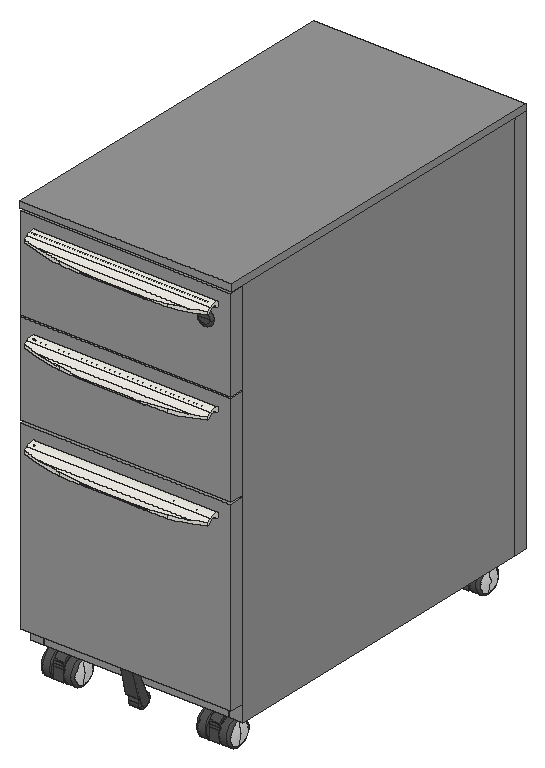
Revit family "Haworth_MSeries_Storage_Pedestal_AP_PRELIMINARY", category Furniture Systems, Revit 2019 (continued)
Definition of nested family "Haworth_M_Series_Cushion_BUILD"
  Forms (mm)
    Extrusion 1, solid, material <- "Cushion Finish"
      sketch origin (-915.403, -4572, 609.6) x (-1, 0, 0) y (0, -1, 0)
        loop
          arc (-769.617, -4832) -> (-766.624, -4830.76) -> (-765.384, -4827.767) r 4.233
          line (-765.384, -4827.767) -> (-765.384, -4316.233)
          arc (-765.384, -4316.233) -> (-766.624, -4313.24) -> (-769.617, -4312) r 4.233
          line (-769.617, -4312) -> (-1061.188, -4312)
          arc (-1061.188, -4312) -> (-1064.182, -4313.24) -> (-1065.422, -4316.233) r 4.233
          line (-1065.422, -4316.233) -> (-1065.422, -4827.767)
          arc (-1065.422, -4827.767) -> (-1064.182, -4830.76) -> (-1061.188, -4832) r 4.233
          line (-1061.188, -4832) -> (-769.617, -4832)
      from 0 to 38.001
  Lines and regions (mm)
    Masking region 1
      outline origin (0, 0, 647.601) x (-1, 0, 0) y (0, -1, 0)
        loop
          line (150.019, -255.767) -> (150.019, 255.767)
          arc (150.019, 255.767) -> (148.779, 258.76) -> (145.785, 260) r 4.233
          line (145.785, 260) -> (-145.785, 260)
          arc (-145.785, 260) -> (-148.779, 258.76) -> (-150.019, 255.767) r 4.233
          line (-150.019, 255.767) -> (-150.019, -255.767)
          arc (-150.019, -255.767) -> (-148.779, -258.76) -> (-145.785, -260) r 4.233
          line (-145.785, -260) -> (145.785, -260)
          arc (145.785, -260) -> (148.779, -258.76) -> (150.019, -255.767) r 4.233
  Dimensions and locks
    equal spacing: plane 5 "Back", plane 1 "Storage Top Center F/B", plane 6 "Front"
    "Actual Depth": plane 5 "Back" to plane 6 "Front"
    equal spacing: plane 4 "Left", plane 3 "Storage Top Center L/R", plane 7 "Right"
    "Actual Width": plane 4 "Left" to plane 7 "Right"
    "Mounting Offset": plane 9 "Bottom" to level
    "Top Thickness": plane 8 "Top" to plane 9 "Bottom"
    aligned and locked: plane 5 "Back" to Extrusion 1 sketch curve
    aligned and locked: plane 7 "Right" to Extrusion 1 sketch curve
    aligned and locked: plane 6 "Front" to Extrusion 1 sketch curve
    aligned and locked: plane 4 "Left" to Extrusion 1 sketch curve
    aligned and locked: plane 8 "Top" to Extrusion 1
    aligned and locked: Extrusion 1 to plane 5 "Back"
    aligned and locked: Extrusion 1 to plane 9 "Bottom"
    aligned and locked: Masking region 1 to plane 6 "Front"
    aligned and locked: Masking region 1 sketch curve to Extrusion 1  (x4)
  Automatic sketch dimensions
    plane 7 "Right" to Extrusion 1 sketch curve = 4.233 mm  (x2)
    plane 4 "Left" to Extrusion 1 sketch curve = 4.233 mm  (x2)
Types (4, lengths in mm): name | with Pull | Total Drawer Height | Top Drawer Height | Standard Storage Height | Slim Style | Side Recess Pull | Premise Pull | Normal Style | Medium | Large | Glide Control | Cushion Height | Cushion | Mobile | Min. Depth | Middle Drawer Height | Bottom Drawer Offset | Bottom Drawer Height | Drawer Width | Depth | Bottom Case Offset | Attached | Actual Width | Actual Height | Actual Depth
  503h 395w 525d | yes | 530 | 131 | 600 | yes | no | yes | no | yes | no | no | 0 | no | yes | 520 | 131 | 67 | 262 | 297 | 520 | 45 | no | 300 | 600 | 520
  600h 395w 525d | no | 530 | 131 | 600 | no | yes | no | yes | yes | no | no | 0 | yes | yes | 525 | 131 | 67 | 262 | 392 | 525 | 45 | no | 395 | 600 | 525
  695h 395w 525d | yes | 630 | 156 | 695 | no | no | yes | yes | no | yes | yes | 10 | no | no | 525 | 156 | 62 | 312 | 392 | 525 | 40 | yes | 395 | 695 | 525
  600h 300w 520d | yes | 530 | 131 | 600 | yes | no | yes | no | yes | no | no | 0 | no | yes | 520 | 131 | 67 | 262 | 297 | 520 | 45 | no | 300 | 600 | 520
